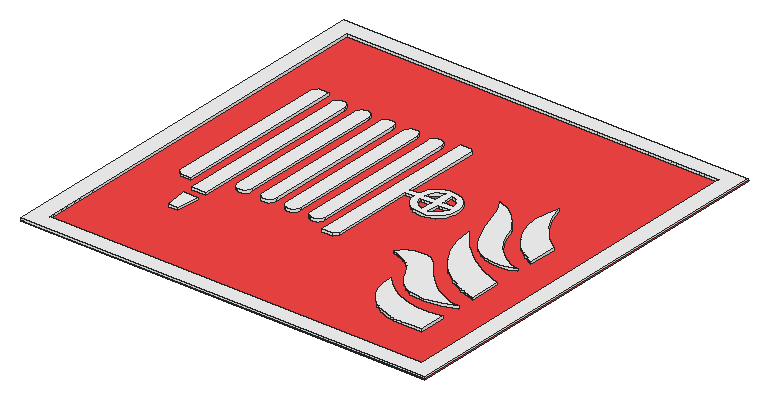
Revit family "GRAS_HW-19N-20-30 HS Z", category Osprzęt hydrauliczny, Revit 2018
Family settings
  Obiekt nadrzędny = Powierzchnia
  Wymiar okrągłego złącza = Użyj średnicy
  Typ części = Normalny
  Tnij formami wycięć po wczytaniu = Nie
  Współdzielony = Nie
  Punkt obliczania pomieszczeń = Nie
Parameters (values of type "HW-19N-20/30 HS-Z, RAL3000")
  W1 = 100 mm
  URL = "http://www.gras.pl/"
  Top Right Supply Connection = ""
  Top Left Supply Connection = ""
  Side Right Supply Connection = ""
  Side Left Supply Connection = ""
  Producent = "GRAS PPPH"
  Pictogram_height = 90 mm
  Opis = "http://gras.pl/en/hw-19-n-20-30-hs-z/"
  Model = "HW-19N-20/30 HS-Z, RAL3000"
  K Factor = 42
  H1 = 130 mm
  Flow = 35.0 L/s
  Door_Right - Door_Left [instance] = no
  Default Elevation = 0 mm
  DN = 19 mm
  D1 = 100 mm
  Cabinet width = 795 mm
  Cabinet material = DC01, RAL3000
  Cabinet height = 895 mm
  Cabinet depth = 220 mm
  Back Right Supply Connection = ""
  Back Left Supply Connection = ""
  0 = 0 mm
Types (2, lengths in mm): name | Model | Cabinet material
  HW-19N-20/30 HS-Z, RAL9010 | "HW-19N-20/30 HS-Z, RAL9010" | DC01, RAL9010
  HW-19N-20/30 HS-Z, RAL3000 | "HW-19N-20/30 HS-Z, RAL3000" | DC01, RAL3000
Reference planes
  plane 1 "Środek (Przód/Tył)": y = 0
  plane 2: z = 0
  plane 3 "Środek (Lewa/Prawa)": x = 0
  plane 4: y = 447.5
  plane 5: y = -447.5
  plane 6: x = -397.5
  plane 7: x = 397.5
  plane 8: z = 220
  plane 9: z = 130
  plane 10: x = 397.5
  plane 11: z = 0
  plane 12: x = -397.5
  plane 13: z = 130
  plane 14: z = 130
Forms (mm)
  Extrusion 1, solid, not visible
    sketch origin (0, 0, 0) x (1, 0, 0) y (0, 1, 0)
      loop
        line (-1219.2, 1219.2) -> (-1219.2, -1219.2) -> (1219.2, -1219.2) -> (1219.2, 1219.2) -> (-1219.2, 1219.2)
    from 0 to -304.8
Dimensions and locks
  equal spacing: plane 4, plane 1 "Środek (Przód/Tył)", plane 5
  "Cabinet height": plane 4 to plane 5
  equal spacing: plane 6, plane 3 "Środek (Lewa/Prawa)", plane 7
  "Cabinet width": plane 6 to plane 7
  "Cabinet depth": plane 8 to Extrusion 1
  "0": nested 1 to plane 8
  "0": plane 3 "Środek (Lewa/Prawa)" to nested 1
  "0": plane 3 "Środek (Lewa/Prawa)" to nested 2
  "0": plane 1 "Środek (Przód/Tył)" to nested 2
  "Pictogram_height": plane 4 to nested 1
  aligned and locked: plane 2 to Extrusion 1
  aligned and locked: level to Extrusion 1
Automatic sketch dimensions
  Extrusion 1 sketch curve to Extrusion 1 sketch curve = 2438.4 mm  (x2)
Nested families
  nested 1: "pictogram_hydrant" at (0, 282.5, 220), type "150x150"
  nested 2: "Cabinet_complet" at (0, 0, 0), visible <- "Door_Right - Door_Left", type "Cabinet_complet"
    with Visible_Right yes, Left_Right no, Door_Rubber 198 mm, Depth 220 mm, DN_Hole 39 mm, DN 19 mm
Connectors
  piping at (396.5, 317.5, 100), diameter 19, driven by "DN", driven by "Flow"
    settings: on nested 2, index 1, connector inside diameter 609.6 mm, connector length 0 mm, flow factor 0, pipe flow 35.0 L/s, pressure drop 0.0 Pa, fitting loss kfactor 0, connector angle 0.00°, fixture units 0, engagement length 0 mm, angle of deflection 0.00°, flow configuration 0, flow direction 0, fitting loss method 0, system type 7, joint type 0, gender type 0, connector reference index -1, connector utility 0, adjustable connector no, is connector primary yes, connector description ""
  piping at (297.5, 317.5, 1), diameter 19, driven by "DN", driven by "Flow"
    settings: on nested 2, index 2, connector inside diameter 609.6 mm, connector length 0 mm, flow factor 0, pipe flow 35.0 L/s, pressure drop 0.0 Pa, fitting loss kfactor 0, connector angle 0.00°, fixture units 0, engagement length 0 mm, angle of deflection 0.00°, flow configuration 0, flow direction 0, fitting loss method 0, system type 7, joint type 0, gender type 0, connector reference index -1, connector utility 0, adjustable connector no, is connector primary no, connector description ""
  piping at (-397.5, 317.5, 100), diameter 19, driven by "DN", driven by "Flow"
    settings: on nested 2, index 3, connector inside diameter 609.6 mm, connector length 0 mm, flow factor 0, pipe flow 35.0 L/s, pressure drop 0.0 Pa, fitting loss kfactor 0, connector angle 0.00°, fixture units 0, engagement length 0 mm, angle of deflection 0.00°, flow configuration 0, flow direction 0, fitting loss method 0, system type 19, joint type 0, gender type 0, connector reference index -1, connector utility 0, adjustable connector no, is connector primary no, connector description ""
  piping at (-297.5, 317.5, 0), diameter 19, driven by "DN"
    settings: on nested 2, index 4, connector inside diameter 609.6 mm, connector length 0 mm, flow factor 0, pipe flow 0.0 L/s, pressure drop 0.0 Pa, fitting loss kfactor 0, connector angle 0.00°, fixture units 0, engagement length 0 mm, angle of deflection 0.00°, flow configuration 0, flow direction 0, fitting loss method 0, system type 19, joint type 0, gender type 0, connector reference index -1, connector utility 0, adjustable connector no, is connector primary no, connector description ""
Definition of nested family "pictogram_hydrant"
  Parameters (values of type "150x150")
    pictogram_color_white = none
    pictogram_color_red = none
    W = 150 mm
    H = 150 mm
    Default Elevation = 1219.2 mm
  Reference planes
    plane 1 "Środek (Przód/Tył)": y = 0
    plane 2: z = 0
    plane 3 "Środek (Lewa/Prawa)": x = 0
    plane 4: x = -75
    plane 5: x = 75
    plane 6: y = 75
    plane 7: x = -75
    plane 8: x = 75
    plane 9: y = 75
    plane 10: y = -75
  Forms (mm)
    Extrusion 1, solid, material <- "pictogram_color_white", detail levels fine
      sketch origin (0, 0, 0) x (1, 0, 0) y (0, 1, 0)
        loop
          arc (-42.375, 34.5) -> (-45, 37.125) -> (-47.625, 34.5) r 2.625
          line (-47.625, 34.5) -> (-47.625, -29.625) -> (-42.375, -29.625) -> (-42.375, 34.5)
        loop
          arc (-38.625, -19.5) -> (-36, -22.125) -> (-33.375, -19.5) r 2.625
          line (-33.375, -19.5) -> (-33.375, 34.5)
          arc (-33.375, 34.5) -> (-36, 37.125) -> (-38.625, 34.5) r 2.625
          line (-38.625, 34.5) -> (-38.625, -19.5)
        loop
          arc (-29.625, -19.5) -> (-27, -22.125) -> (-24.375, -19.5) r 2.625
          line (-24.375, -19.5) -> (-24.375, 34.5)
          arc (-24.375, 34.5) -> (-27, 37.125) -> (-29.625, 34.5) r 2.625
          line (-29.625, 34.5) -> (-29.625, -19.5)
        loop
          arc (-20.625, -19.5) -> (-18, -22.125) -> (-15.375, -19.5) r 2.625
          line (-15.375, -19.5) -> (-15.375, 34.5)
          arc (-15.375, 34.5) -> (-18, 37.125) -> (-20.625, 34.5) r 2.625
          line (-20.625, 34.5) -> (-20.625, -19.5)
        loop
          arc (-11.625, -19.5) -> (-9, -22.125) -> (-6.375, -19.5) r 2.625
          line (-6.375, -19.5) -> (-6.375, 34.5)
          arc (-6.375, 34.5) -> (-9, 37.125) -> (-11.625, 34.5) r 2.625
          line (-11.625, 34.5) -> (-11.625, -19.5)
        loop
          arc (8.096, 6.375) -> (9.601, 3.593) -> (12.375, 2.075) r 5.587
          line (12.375, 2.075) -> (12.375, 6.375) -> (8.096, 6.375)
        loop
          arc (14.625, 2.05) -> (17.477, 3.549) -> (19.026, 6.375) r 5.587
          line (19.026, 6.375) -> (14.625, 6.375) -> (14.625, 2.05)
        loop
          arc (12.375, 12.994) -> (9.576, 11.45) -> (8.081, 8.625) r 5.587
          line (8.081, 8.625) -> (12.375, 8.625) -> (12.375, 12.994)
        loop
          arc (19.04, 8.625) -> (17.502, 11.494) -> (14.625, 13.019) r 5.587
          line (14.625, 13.019) -> (14.625, 8.625) -> (19.04, 8.625)
        loop
          arc (30.735, -35.586) -> (34.985, -47.78) -> (46.5, -53.625) r 17.285
          line (46.5, -53.625) -> (56.625, -53.625) -> (56.625, -43.857)
          arc (56.625, -43.857) -> (42.542, -43.284) -> (30.735, -35.586) r 26.558
        loop
          arc (43.5, 26.625) -> (44.037, 9.214) -> (56.632, -2.819) r 22.981
          line (56.632, -2.819) -> (56.601, 7.732)
          arc (56.601, 7.732) -> (48.159, 15.867) -> (43.5, 26.625) r 29.857
        loop
          arc (36.375, -1.5) -> (44.77, -9.178) -> (56.121, -8.425) r 14.487
          arc (56.121, -8.425) -> (50.239, -6.221) -> (45.629, -1.954) r 16.287
          arc (45.629, -1.954) -> (42.437, 2.964) -> (40.404, 8.464) r 26.509
          arc (40.404, 8.464) -> (34.776, 15.029) -> (27.375, 19.5) r 27.251
          arc (27.375, 19.5) -> (29.19, 16.657) -> (30.375, 13.5) r 16.152
          arc (30.375, 13.5) -> (32.842, 5.787) -> (36.375, -1.5) r 57.118
        loop
          line (75, -75) -> (75, 75) -> (-75, 75) -> (-75, -75) -> (75, -75)
        loop
          line (69, -69) -> (69, 69) -> (-69, 69) -> (-69, -69) -> (69, -69)
        loop
          line (-55.125, -25.5) -> (-51.375, -25.5) -> (-51.375, 38.625) -> (-55.125, 38.625) -> (-56.625, 37.125) -> (-56.625, -24) -> (-55.125, -25.5)
        loop
          line (-43.234, -41.671) -> (-42.368, -33.375) -> (-47.658, -33.375) -> (-46.721, -41.671) -> (-43.234, -41.671)
        loop
          line (5.748, 8.625) -> (2.625, 8.625) -> (2.625, 37.125) -> (1.125, 38.625) -> (-2.625, 38.625) -> (-2.625, -25.5) -> (1.125, -25.5) -> (2.625, -24) -> (2.625, 6.375) -> (5.748, 6.375)
          arc (5.748, 6.375) -> (21.333, 7.5) -> (5.748, 8.625) r 7.833
        loop
          arc (56.626, -18.699) -> (42.495, -11.687) -> (31.5, -0.375) r 46.748
          arc (31.5, -0.375) -> (38.925, -19.413) -> (56.626, -29.624) r 30.825
          line (56.626, -29.624) -> (56.626, -18.699)
        loop
          arc (30.403, -18.389) -> (25.366, -19.297) -> (21.375, -22.5) r 10.383
          arc (21.375, -22.5) -> (27.7, -25.134) -> (32.166, -30.331) r 14.829
          arc (32.166, -30.331) -> (35.524, -35.29) -> (40.5, -38.625) r 15.649
          arc (40.5, -38.625) -> (48.741, -38.75) -> (56.621, -36.335) r 26.465
          arc (56.621, -36.335) -> (49.534, -34.515) -> (43.5, -30.375) r 21.005
          arc (43.5, -30.375) -> (39.113, -26.466) -> (35.439, -21.881) r 35.088
          arc (35.439, -21.881) -> (33.209, -19.719) -> (30.403, -18.389) r 9.54
      from 0.2 to 1
    Extrusion 2, solid, material <- "pictogram_color_red", detail levels fine
      sketch origin (0, 0, 0) x (1, 0, 0) y (0, 1, 0)
        loop
          line (-75, 75) -> (-75, -75) -> (75, -75) -> (75, 75) -> (-75, 75)
      from 0 to 0.2
  Dimensions and locks
    equal spacing: plane 7, plane 3 "Środek (Lewa/Prawa)", plane 8
    "W": plane 7 to plane 8
    equal spacing: plane 9, plane 1 "Środek (Przód/Tył)", plane 10
    "H": plane 9 to plane 10
    aligned and locked: level to plane 2
    aligned and locked: Extrusion 1 to Extrusion 2  (x2)
    aligned and locked: Extrusion 2 to Extrusion 1  (x3)
    aligned and locked: Extrusion 1 to plane 7
    aligned and locked: plane 8 to Extrusion 1
    aligned and locked: plane 9 to Extrusion 1
    aligned and locked: Extrusion 1 to plane 10
  Automatic sketch dimensions
    Extrusion 1 sketch curve to Extrusion 1 sketch curve = 0 mm  (x22)
    Extrusion 1 sketch curve to plane 4 = 0 mm
    Extrusion 1 sketch curve to plane 5 = 0 mm
    Extrusion 1 sketch curve to plane 6 = 0 mm
    plane 4 to Extrusion 1 sketch curve = 6 mm
    plane 4 to Extrusion 1 sketch curve = 18.375 mm
    Extrusion 1 sketch curve to Extrusion 1 sketch curve = 1.5 mm  (x7)
    Extrusion 1 sketch curve to Extrusion 1 sketch curve = 3.75 mm  (x6)
    Extrusion 1 sketch curve to Extrusion 1 sketch curve = 3.717 mm
    Extrusion 1 sketch curve to Extrusion 1 sketch curve = 0.033 mm
    Extrusion 1 sketch curve to Extrusion 1 sketch curve = 0.938 mm
    Extrusion 1 sketch curve to Extrusion 1 sketch curve = 2.625 mm  (x7)
    Extrusion 1 sketch curve to Extrusion 1 sketch curve = 3.487 mm
    Extrusion 1 sketch curve to Extrusion 1 sketch curve = 0.007 mm
    Extrusion 1 sketch curve to plane 3 "Środek (Lewa/Prawa)" = 2.625 mm
    plane 3 "Środek (Lewa/Prawa)" to Extrusion 1 sketch curve = 1.125 mm  (x2)
    plane 3 "Środek (Lewa/Prawa)" to Extrusion 1 sketch curve = 2.625 mm
    Extrusion 1 sketch curve to Extrusion 1 sketch curve = 3.123 mm
    Extrusion 1 sketch curve to Extrusion 1 sketch curve = 2.333 mm
    Extrusion 1 sketch curve to Extrusion 1 sketch curve = 0.014 mm  (x2)
    Extrusion 1 sketch curve to Extrusion 1 sketch curve = 4.294 mm
    Extrusion 1 sketch curve to Extrusion 1 sketch curve = 1.125 mm  (x2)
    Extrusion 1 sketch curve to Extrusion 1 sketch curve = 0.061 mm
    Extrusion 1 sketch curve to Extrusion 1 sketch curve = 1.064 mm  (x2)
    Extrusion 1 sketch curve to Extrusion 1 sketch curve = 0.118 mm
    Extrusion 1 sketch curve to Extrusion 1 sketch curve = 2.539 mm
    plane 3 "Środek (Lewa/Prawa)" to Extrusion 1 sketch curve = 18.99 mm
    Extrusion 1 sketch curve to Extrusion 1 sketch curve = 4.401 mm
    Extrusion 1 sketch curve to Extrusion 1 sketch curve = 8.783 mm
    Extrusion 1 sketch curve to Extrusion 1 sketch curve = 1.895 mm
    plane 1 "Środek (Przód/Tył)" to Extrusion 1 sketch curve = 12.549 mm
    Extrusion 1 sketch curve to Extrusion 1 sketch curve = 15.349 mm
    Extrusion 1 sketch curve to plane 5 = 28.5 mm
    Extrusion 1 sketch curve to Extrusion 1 sketch curve = 1.545 mm
    Extrusion 1 sketch curve to Extrusion 1 sketch curve = 1.437 mm
    Extrusion 1 sketch curve to plane 1 "Środek (Przód/Tył)" = 4.493 mm
    Extrusion 1 sketch curve to Extrusion 1 sketch curve = 4.546 mm
    Extrusion 1 sketch curve to Extrusion 1 sketch curve = 4.061 mm
    Extrusion 1 sketch curve to Extrusion 1 sketch curve = 7.037 mm
    Extrusion 1 sketch curve to Extrusion 1 sketch curve = 10.125 mm
    Extrusion 1 sketch curve to Extrusion 1 sketch curve = 8.626 mm
    plane 1 "Środek (Przód/Tył)" to Extrusion 1 sketch curve = 2.819 mm
    Extrusion 1 sketch curve to Extrusion 1 sketch curve = 7.068 mm
    Extrusion 1 sketch curve to Extrusion 1 sketch curve = 1.594 mm
    Extrusion 1 sketch curve to Extrusion 1 sketch curve = 2.188 mm
    Extrusion 1 sketch curve to plane 1 "Środek (Przód/Tył)" = 0.672 mm
    Extrusion 1 sketch curve to Extrusion 1 sketch curve = 5.675 mm
    plane 1 "Środek (Przód/Tył)" to Extrusion 1 sketch curve = 2.314 mm
    Extrusion 1 sketch curve to Extrusion 1 sketch curve = 2.258 mm
    Extrusion 1 sketch curve to plane 5 = 9.975 mm
    Extrusion 1 sketch curve to Extrusion 1 sketch curve = 1.108 mm
    Extrusion 1 sketch curve to plane 5 = 6 mm
    Extrusion 1 sketch curve to plane 5 = 4.96 mm
    Extrusion 1 sketch curve to plane 5 = 2.306 mm
    plane 5 to Extrusion 1 sketch curve = 10.875 mm
    Extrusion 1 sketch curve to Extrusion 1 sketch curve = 12.572 mm
    Extrusion 1 sketch curve to Extrusion 1 sketch curve = 5.437 mm
    Extrusion 1 sketch curve to Extrusion 1 sketch curve = 3.308 mm
    plane 1 "Środek (Przód/Tył)" to Extrusion 1 sketch curve = 19.5 mm
    Extrusion 1 sketch curve to Extrusion 1 sketch curve = 4.5 mm  (x2)
    Extrusion 1 sketch curve to Extrusion 1 sketch curve = 6.213 mm
    Extrusion 1 sketch curve to Extrusion 1 sketch curve = 3.361 mm
    Extrusion 1 sketch curve to Extrusion 1 sketch curve = 1.186 mm
    Extrusion 1 sketch curve to Extrusion 1 sketch curve = 10.925 mm
    Extrusion 1 sketch curve to Extrusion 1 sketch curve = 4.125 mm
    Extrusion 1 sketch curve to Extrusion 1 sketch curve = 6.781 mm
    Extrusion 1 sketch curve to Extrusion 1 sketch curve = 9.577 mm
    Extrusion 1 sketch curve to Extrusion 1 sketch curve = 8.296 mm
    Extrusion 1 sketch curve to Extrusion 1 sketch curve = 7.452 mm
    Extrusion 1 sketch curve to Extrusion 1 sketch curve = 9.768 mm
    Extrusion 1 sketch curve to Extrusion 1 sketch curve = 27.329 mm
    Extrusion 1 sketch curve to Extrusion 1 sketch curve = 6 mm
    plane 1 "Środek (Przód/Tył)" to Extrusion 1 sketch curve = 5.765 mm
    Extrusion 1 sketch curve to plane 1 "Środek (Przód/Tył)" = 2.05 mm
    Extrusion 1 sketch curve to plane 1 "Środek (Przód/Tył)" = 2.075 mm
    Extrusion 1 sketch curve to Extrusion 1 sketch curve = 4.325 mm
    Extrusion 1 sketch curve to Extrusion 1 sketch curve = 0.034 mm
    Extrusion 1 sketch curve to plane 1 "Środek (Przód/Tył)" = 7.642 mm
    Extrusion 1 sketch curve to Extrusion 1 sketch curve = 0.09 mm
    Extrusion 1 sketch curve to Extrusion 1 sketch curve = 2.25 mm
    Extrusion 1 sketch curve to Extrusion 1 sketch curve = 0.809 mm
    Extrusion 1 sketch curve to Extrusion 1 sketch curve = 7.206 mm
    Extrusion 1 sketch curve to Extrusion 1 sketch curve = 3.727 mm
    Extrusion 1 sketch curve to Extrusion 1 sketch curve = 7.508 mm
    Extrusion 1 sketch curve to Extrusion 1 sketch curve = 0.917 mm
    Extrusion 1 sketch curve to Extrusion 1 sketch curve = 6.797 mm
    Extrusion 1 sketch curve to plane 1 "Środek (Przód/Tył)" = 34.5 mm
    Extrusion 1 sketch curve to plane 6 = 6 mm
    Extrusion 1 sketch curve to Extrusion 1 sketch curve = 6.399 mm
    Extrusion 1 sketch curve to Extrusion 1 sketch curve = 8.335 mm
    Extrusion 1 sketch curve to Extrusion 1 sketch curve = 3 mm
    Extrusion 1 sketch curve to Extrusion 1 sketch curve = 2.63 mm
    Extrusion 1 sketch curve to Extrusion 1 sketch curve = 2.497 mm
    Extrusion 1 sketch curve to Extrusion 1 sketch curve = 5.036 mm
    plane 1 "Środek (Przód/Tył)" to Extrusion 1 sketch curve = 1.5 mm
    Extrusion 1 sketch curve to Extrusion 1 sketch curve = 4.875 mm
    Extrusion 1 sketch curve to plane 1 "Środek (Przód/Tył)" = 8.464 mm
    Extrusion 1 sketch curve to Extrusion 1 sketch curve = 7.5 mm
    Extrusion 1 sketch curve to Extrusion 1 sketch curve = 3.063 mm
    plane 1 "Środek (Przód/Tył)" to Extrusion 1 sketch curve = 1.954 mm
    Extrusion 1 sketch curve to Extrusion 1 sketch curve = 0.005 mm
    Extrusion 2 sketch curve to plane 4 = 0 mm
    Extrusion 2 sketch curve to plane 5 = 0 mm
    Extrusion 2 sketch curve to plane 6 = 0 mm
    plane 1 "Środek (Przód/Tył)" to Extrusion 2 sketch curve = 75 mm
Definition of nested family "Cabinet_complet"
  Parameters (values of type "Cabinet_complet")
    W1 = 100 mm
    Visible_Right = not(Left_Right)  # no
    Thickness = 1 mm
    Rubber = 8 mm
    Roof = 40 mm
    Material_hinge_lock = none
    Material = none
    Left_Right = yes
    Hinge_H2 = Height - Roof - Frame - 100 mm  # 733 mm
    Hinge_H1 = 100 mm
    Half_Height = Height / 2  # 447.5 mm
    Height = 895 mm
    Width = 795 mm
    H1 = 130 mm
    Gap = 4 mm
    Frame = 22 mm
    Flow = 35.0 L/s
    Door_Width = Width  # 795 mm
    Door_Rubber = Depth - Door_Depth  # 228 mm
    Door_Height = Height - Gap - Roof - Frame  # 829 mm
    Door_Half_Height = Door_Height / 2  # 414.5 mm
    Door_Depth = 22 mm
    Depth = 250 mm
    DN_Hole = DN + 20 mm  # 45 mm
    DN = 25 mm
    D1 = 100 mm
    0 = 0 mm
  Reference planes
    plane 1 "Środek (Przód/Tył)": y = 0
    plane 2: z = 0
    plane 3 "Środek (Lewa/Prawa)": x = 0
    plane 4: z = 250
    plane 5: y = 895
    plane 6: y = -447.5
    plane 7: x = 397.5
    plane 8: x = -397.5
    plane 9: y = -33
  Dimensions and locks
    "0": plane 3 "Środek (Lewa/Prawa)" to nested 1
    "0": plane 1 "Środek (Przód/Tył)" to nested 1
    "Height": plane 5 to plane 1 "Środek (Przód/Tył)"
    "0": plane 3 "Środek (Lewa/Prawa)" to nested 2
    "Door_Rubber": nested 2 to plane 2
    "Half_Height": plane 1 "Środek (Przód/Tył)" to plane 6
    "0": nested 2 to plane 6
    equal spacing: plane 7, plane 3 "Środek (Lewa/Prawa)", plane 8
    "Width": plane 7 to plane 8
    "Depth": plane 4 to level
    "0": nested 3 to plane 8
    "0": nested 4 to plane 8
    "Hinge_H1": plane 6 to nested 4
    "Hinge_H2": nested 3 to plane 6
    "Gap": nested 3 to plane 4
    "Gap": plane 4 to nested 4
    "0": nested 6 to plane 8
    "0": plane 7 to nested 5
    "Door_Half_Height": plane 9 to plane 6
    "0": plane 9 to nested 5
    "0": nested 6 to plane 9
    "Gap": nested 6 to plane 4
    "Gap": plane 4 to nested 5
    "0": plane 3 "Środek (Lewa/Prawa)" to nested 7
    "0": nested 7 to plane 1 "Środek (Przód/Tył)"
    "0": plane 7 to nested 8
    "0": plane 7 to nested 9
    "Hinge_H1": plane 6 to nested 9
    "Hinge_H2": plane 6 to nested 8
    "Gap": plane 4 to nested 9
    "Gap": plane 4 to nested 8
    aligned and locked: level to plane 2
  Nested families
    nested 1: "HS-Z v2" at (0, 0, 0), visible <- "Visible_Right", type "HS-Z v2"
      with Srednica 45 mm
    nested 2: "door" at (0, -33, 228), type "door"
    nested 3: "zawias" at (-402.5, 310.5, 216) x (-1, 0, 0) z (0, 0, 1), visible <- "Left_Right", type "zawias"
    nested 4: "zawias" at (-402.5, -322.5, 216) x (-1, 0, 0) z (0, 0, 1), visible <- "Left_Right", type "zawias"
    nested 5: "zamek" at (397.5, -33, 211), visible <- "Left_Right", type "zamek"
    nested 6: "zamek" at (-397.5, -33, 211) x (-1, 0, 0) z (0, 0, 1), visible <- "Visible_Right", type "zamek"
    nested 7: "HS-Z v2" at (0, 0, 0) x (-1, 0, 0) z (0, 0, 1), visible <- "Left_Right", type "HS-Z v2"
      with Srednica 45 mm
    nested 8: "zawias" at (402.5, 310.5, 216), visible <- "Visible_Right", type "zawias"
    nested 9: "zawias" at (402.5, -322.5, 216), visible <- "Visible_Right", type "zawias"
  Definition of nested family "HS-Z v2"
    Parameters (values of type "HS-Z v2")
      Width = 795 mm
      W1 = 100 mm
      D1 = 100 mm
      Thickness = 1 mm
      Srednica = 100 mm
      Rubber = 8 mm
      Roof_out = 10 mm
      Roof_Height = 40 mm
      Materiał = none
      Height = 895 mm
      H1 = 130 mm
      Frame = 22 mm
      Door_Depth_rubber = Door_Depth + Rubber  # 30 mm
      Door_Depth = 22 mm
      Depth = 250 mm
      DN = 45 mm
      Cabinet_depth = Depth - Door_Depth_rubber  # 220 mm
      0 = 0 mm
    Reference planes
      plane 1 "Środek (Przód/Tył)": y = 0
      plane 2: z = 0
      plane 3 "Środek (Lewa/Prawa)": x = 0
      plane 4: x = -397.5
      plane 5: x = 397.5
      plane 6: y = 447.5
      plane 7: y = -447.5
      plane 8: z = 250
      plane 9: z = 220
      plane 10: y = 407.5
      plane 11: y = 385.5
      plane 12: z = 260
      plane 13: y = 363.5
      plane 14: z = 259
      plane 15: z = 1
      plane 16: y = -446.5
      plane 17: z = 219
      plane 18: y = 446.5
      plane 19: y = 386.5
      plane 20: y = 406.5
      plane 21: x = 396.5
      plane 22: x = -396.5
      plane 23: x = -375.5
      plane 24: x = 375.5
      plane 25: y = -425.5
      plane 26: y = 317.5
      plane 27: z = 100
      plane 28: x = 297.5
    Forms (mm)
      Extrusion 1, solid, material <- "Materiał"
        sketch origin (0, 0, 0) x (0, 1, 0) y (0, 0, 1)
          loop
            line (447.5, 0) -> (407.5, 260) -> (385.5, 260) -> (391.654, 220) -> (-447.5, 220) -> (-447.5, 0) -> (447.5, 0)
        from -397.5 to 397.5
      Extrusion 2, void
        sketch origin (0, 0, 0) x (0, 1, 0) y (0, 0, 1)
          loop
            line (446.5, 1) -> (406.5, 259) -> (386.5, 259) -> (392.702, 219) -> (-446.5, 219) -> (-446.5, 1) -> (446.5, 1)
        from -396.5 to 396.5
      Extrusion 3, void
        sketch origin (0, 0, 0) x (1, 0, 0) y (0, 1, 0)
          loop
            line (-375.5, 363.5) -> (-375.5, -425.5) -> (375.5, -425.5) -> (375.5, 363.5) -> (-375.5, 363.5)
        from 1 to 260
      Extrusion 4, void
        sketch origin (0, 0, 0) x (1, 0, 0) y (0, 1, 0)
          loop
            circle (297.5, 317.5) r 22.5
        from 0 to 110
      Extrusion 5, void
        sketch origin (397.5, 0, 0) x (0, -1, 0) y (0, 0, 1)
          loop
            circle (-317.5, 100) r 22.5
        from 0 to 1
    Cuts and joins
      Extrusion 2, Extrusion 3, Extrusion 4, Extrusion 5 cuts Extrusion 1
    Dimensions and locks
      equal spacing: plane 4, plane 3 "Środek (Lewa/Prawa)", plane 5
      "Width": plane 4 to plane 5
      equal spacing: plane 6, plane 1 "Środek (Przód/Tył)", plane 7
      "Height": plane 6 to plane 7
      "Roof_Height": plane 6 to plane 10
      "Frame": plane 10 to plane 11
      "Cabinet_depth": plane 9 to plane 2
      "Depth": plane 8 to plane 2
      "Roof_out": plane 12 to plane 8
      "Frame": plane 11 to plane 13
      "Thickness": plane 12 to plane 14
      "Thickness": plane 15 to plane 2
      "Thickness": plane 16 to plane 7
      "Thickness": plane 9 to plane 17
      "Thickness": plane 6 to plane 18
      "Thickness": plane 19 to plane 11
      "Thickness": plane 10 to plane 20
      "Thickness": plane 4 to plane 22
      "Thickness": plane 21 to plane 5
      "Frame": plane 25 to plane 7
      "Frame": plane 4 to plane 23
      "Frame": plane 24 to plane 5
      "0": cut or joined group of Extrusion 1, Extrusion 2, Extrusion 3, Extrusion 4, Extrusion 5 to plane 5
      "0": plane 4 to cut or joined group of Extrusion 1, Extrusion 2, Extrusion 3, Extrusion 4, Extrusion 5
      "0": plane 22 to cut or joined group of Extrusion 1, Extrusion 2, Extrusion 3, Extrusion 4, Extrusion 5
      "0": cut or joined group of Extrusion 1, Extrusion 2, Extrusion 3, Extrusion 4, Extrusion 5 to plane 21
      "0": plane 12 to cut or joined group of Extrusion 1, Extrusion 2, Extrusion 3, Extrusion 4, Extrusion 5
      "D1": plane 27 to level
      "H1": plane 6 to plane 26
      "W1": plane 28 to plane 5
      "0": cut or joined group of Extrusion 1, Extrusion 2, Extrusion 3, Extrusion 4, Extrusion 5 to cut or joined group of Extrusion 1, Extrusion 2, Extrusion 3, Extrusion 4, Extrusion 5
      "0": plane 21 to cut or joined group of Extrusion 1, Extrusion 2, Extrusion 3, Extrusion 4, Extrusion 5
      "0": Extrusion 5 sketch curve to plane 26
      "0": Extrusion 5 sketch curve to plane 27
      "DN": diameter of Extrusion 4 sketch curve
      "DN": diameter of Extrusion 5 sketch curve
      aligned and locked: level to plane 2
    Automatic sketch dimensions
      Extrusion 1 sketch curve to plane 7 = 0 mm
      Extrusion 1 sketch curve to plane 11 = 0 mm
      Extrusion 1 sketch curve to plane 9 = 0 mm
      Extrusion 1 sketch curve to plane 10 = 0 mm
      Extrusion 1 sketch curve to level = 0 mm
      Extrusion 1 sketch curve to plane 6 = 0 mm
      Extrusion 1 sketch curve to plane 12 = 0 mm
      Extrusion 1 sketch curve to plane 11 = 6.154 mm
      Extrusion 2 sketch curve to plane 16 = 0 mm
      Extrusion 2 sketch curve to plane 15 = 0 mm
      Extrusion 2 sketch curve to plane 14 = 0 mm
      Extrusion 2 sketch curve to plane 19 = 0 mm
      Extrusion 2 sketch curve to plane 17 = 0 mm
      Extrusion 2 sketch curve to plane 20 = 0 mm
      Extrusion 2 sketch curve to plane 18 = 0 mm
      Extrusion 2 sketch curve to plane 19 = 6.202 mm
      Extrusion 3 sketch curve to plane 23 = 0 mm
      plane 13 to Extrusion 3 sketch curve = 0 mm
      Extrusion 3 sketch curve to plane 24 = 0 mm
      Extrusion 3 sketch curve to plane 25 = 0 mm
      plane 26 to Extrusion 4 sketch curve = 0 mm
      Extrusion 4 sketch curve to plane 28 = 0 mm
  Definition of nested family "door"
    Parameters (values of type "door")
      Material = none
      Height = 829 mm
      Width = 795 mm
      Depth = 22 mm
      0 = 0 mm
    Reference planes
      plane 1 "Środek (Przód/Tył)": y = 0
      plane 2: z = 0
      plane 3 "Środek (Lewa/Prawa)": x = 0
      plane 4: x = -397.5
      plane 5: x = 397.5
      plane 6: y = 414.5
      plane 7: y = -414.5
      plane 8: z = 22
    Forms (mm)
      Extrusion 1, solid, material <- "Material"
        sketch origin (0, 0, 0) x (1, 0, 0) y (0, 1, 0)
          loop
            line (-397.5, 414.5) -> (-397.5, -414.5) -> (397.5, -414.5) -> (397.5, 414.5) -> (-397.5, 414.5)
        from 0 to 22
    Dimensions and locks
      equal spacing: plane 6, plane 1 "Środek (Przód/Tył)", plane 7
      equal spacing: plane 4, plane 3 "Środek (Lewa/Prawa)", plane 5
      "Width": plane 4 to plane 5
      "Height": plane 6 to plane 7
      "Depth": plane 8 to plane 2
      "0": plane 8 to Extrusion 1
      aligned and locked: level to plane 2
    Automatic sketch dimensions
      Extrusion 1 sketch curve to plane 4 = 0 mm
      Extrusion 1 sketch curve to plane 5 = 0 mm
      Extrusion 1 sketch curve to plane 7 = 0 mm
      Extrusion 1 sketch curve to plane 6 = 0 mm
  Definition of nested family "zawias"
    Parameters (values of type "zawias")
      width_height = 50 mm
      faza = 3 mm
      Visible = yes
      Materiał = none
      Depth = 10 mm
    Reference planes
      plane 1 "Środek (Przód/Tył)": y = 0
      plane 2: z = 0
      plane 3 "Środek (Lewa/Prawa)": x = 0
      plane 4: x = -25
      plane 5: y = 25
      plane 6: x = 25
      plane 7: y = -25
      plane 8: z = 10
      plane 9: z = 7
      plane 10: x = -3
      plane 11: x = 3
      plane 12: x = 22
      plane 13: x = -22
    Forms (mm)
      Extrusion 1, solid, material <- "Materiał"
        sketch origin (-5, 0, 5) x (0, 0, -1) y (1, 0, 0)
          loop
            line (-25, 0) -> (25, 0) -> (25, 7) -> (22, 10) -> (3, 10) -> (0, 7) -> (-3, 10) -> (-22, 10) -> (-25, 7) -> (-25, 0)
        from -25 to 25
    Dimensions and locks
      equal spacing: plane 4, plane 3 "Środek (Lewa/Prawa)", plane 6
      "width_height": plane 4 to plane 6
      equal spacing: plane 5, plane 1 "Środek (Przód/Tył)", plane 7
      "width_height": plane 5 to plane 7
      "Depth": plane 8 to plane 2
      "faza": plane 8 to plane 9
      "faza": plane 13 to plane 4
      "faza": plane 3 "Środek (Lewa/Prawa)" to plane 10
      "faza": plane 11 to plane 3 "Środek (Lewa/Prawa)"
      "faza": plane 6 to plane 12
      aligned and locked: level to plane 2
    Automatic sketch dimensions
      Extrusion 1 sketch curve to plane 10 = 2 mm
      plane 8 to Extrusion 1 sketch curve = 20 mm
      plane 11 to Extrusion 1 sketch curve = 2 mm  (x2)
      Extrusion 1 sketch curve to Extrusion 1 sketch curve = 3 mm  (x2)
      plane 9 to Extrusion 1 sketch curve = 1 mm
      Extrusion 1 sketch curve to plane 9 = 2 mm
      level to Extrusion 1 sketch curve = 2 mm
      Extrusion 1 sketch curve to level = 17 mm
      Extrusion 1 sketch curve to plane 11 = 1 mm  (x2)
  Definition of nested family "zamek"
    Parameters (values of type "zamek")
      height = 20 mm
      depth = 10 mm
      border = 3 mm
      Width = 35 mm
      Material = none
    Reference planes
      plane 1 "Środek (Przód/Tył)": y = 0
      plane 2: z = 0
      plane 3 "Środek (Lewa/Prawa)": x = 0
      plane 4: y = 10
      plane 5: y = -10
      plane 6: y = -7
      plane 7: y = 7
      plane 8: x = 10
      plane 9: x = 3
      plane 10: y = 4
      plane 11: y = -4
      plane 12: z = 35
    Forms (mm)
      Extrusion 1, solid, material <- "Material"
        sketch origin (0, 0, 0) x (1, 0, 0) y (0, 1, 0)
          loop
            line (0, 10) -> (0, -10) -> (10, -10) -> (10, -7) -> (3, -7) -> (3, -4) -> (10, -4) -> (10, 4) -> (3, 4) -> (3, 7) -> (10, 7) -> (10, 10) -> (0, 10)
        from 0 to 35
    Dimensions and locks
      equal spacing: plane 4, plane 1 "Środek (Przód/Tył)", plane 5
      "height": plane 4 to plane 5
      "border": plane 6 to plane 5
      "border": plane 7 to plane 4
      "border": plane 3 "Środek (Lewa/Prawa)" to plane 9
      "depth": plane 3 "Środek (Lewa/Prawa)" to plane 8
      "border": plane 10 to plane 7
      "border": plane 11 to plane 6
      "Width": plane 12 to plane 2
      aligned and locked: level to plane 2
    Automatic sketch dimensions
      Extrusion 1 sketch curve to plane 3 "Środek (Lewa/Prawa)" = 0 mm
      Extrusion 1 sketch curve to plane 9 = 0 mm  (x2)
      plane 7 to Extrusion 1 sketch curve = 0 mm
      Extrusion 1 sketch curve to plane 8 = 0 mm  (x3)
      Extrusion 1 sketch curve to plane 6 = 0 mm
      Extrusion 1 sketch curve to plane 5 = 0 mm
      Extrusion 1 sketch curve to plane 11 = 0 mm
      plane 10 to Extrusion 1 sketch curve = 0 mm
      Extrusion 1 sketch curve to plane 4 = 0 mm
